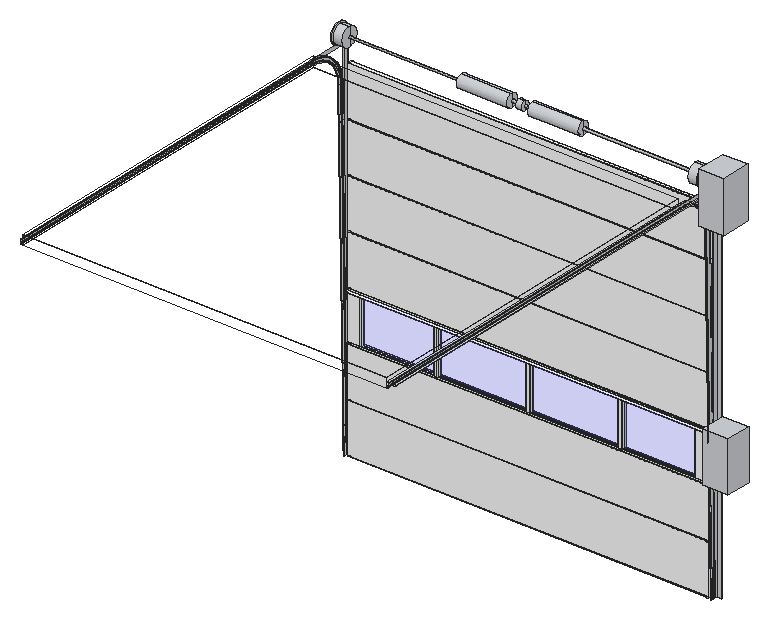
Revit family "EX3150 Complete Door - DraftA", category Doors, host Wall, Revit 2022 (continued)
Definition of nested family "Full Vision Section"
  Definition of nested family "902 Int Stile Array"
    Forms (in)
      Extrusion 2, solid, material <- "Frame Material"
        sketch origin (-44, 0, 0) x (1, 0, 0) y (0, 1, 0)
          loop
            line (-0.65625, 0) -> (-0.65625, -0.125) -> (-0.78125, -0.125) -> (-1.15625, -0.5) -> (-1.15625, -0.63751) -> (-0.65625, -0.63751) -> (-0.65625, -0.88751) -> (-1.15625, -0.88751) -> (-1.15625, -1.88751) -> (-0.65625, -1.88751) -> (-0.65625, -2.125) -> (0.65625, -2.125) -> (0.65625, -1.88751) -> (1.15625, -1.88751) -> (1.15625, -0.88751) -> (0.65625, -0.88751) -> (0.65625, -0.63751) -> (1.15625, -0.63751) -> (1.15625, -0.5) -> (0.78125, -0.125) -> (0.65625, -0.125) -> (0.65625, 0) -> (-0.65625, 0)
        from 0 to 22.3125 <- "Stile Height"
      Extrusion 3, solid, material <- "Frame Material"
        sketch origin (-88, 0, 0) x (1, 0, 0) y (0, 1, 0)
          loop
            line (-0.65625, 0) -> (-0.65625, -0.125) -> (-0.78125, -0.125) -> (-1.15625, -0.5) -> (-1.15625, -0.63751) -> (-0.65625, -0.63751) -> (-0.65625, -0.88751) -> (-1.15625, -0.88751) -> (-1.15625, -1.88751) -> (-0.65625, -1.88751) -> (-0.65625, -2.125) -> (0.65625, -2.125) -> (0.65625, -1.88751) -> (1.15625, -1.88751) -> (1.15625, -0.88751) -> (0.65625, -0.88751) -> (0.65625, -0.63751) -> (1.15625, -0.63751) -> (1.15625, -0.5) -> (0.78125, -0.125) -> (0.65625, -0.125) -> (0.65625, 0) -> (-0.65625, 0)
        from 0 to 22.3125 <- "Stile Height"
      Extrusion 4, solid, material <- "Frame Material"
        sketch origin (-132, 0, 0) x (1, 0, 0) y (0, 1, 0)
          loop
            line (-0.65625, 0) -> (-0.65625, -0.125) -> (-0.78125, -0.125) -> (-1.15625, -0.5) -> (-1.15625, -0.63751) -> (-0.65625, -0.63751) -> (-0.65625, -0.88751) -> (-1.15625, -0.88751) -> (-1.15625, -1.88751) -> (-0.65625, -1.88751) -> (-0.65625, -2.125) -> (0.65625, -2.125) -> (0.65625, -1.88751) -> (1.15625, -1.88751) -> (1.15625, -0.88751) -> (0.65625, -0.88751) -> (0.65625, -0.63751) -> (1.15625, -0.63751) -> (1.15625, -0.5) -> (0.78125, -0.125) -> (0.65625, -0.125) -> (0.65625, 0) -> (-0.65625, 0)
        from 0 to 22.3125 <- "Stile Height"
    Dimensions and locks (in)
      "Stile Height": level to plane 4
      locked: Extrusion 1 sketch curve to Extrusion 1 sketch curve at 1.3125
      locked: Extrusion 1 sketch curve to Extrusion 1 sketch curve at 0.5  (x2)
      locked: Extrusion 1 sketch curve to Extrusion 1 sketch curve at 2.125
      locked: Extrusion 1 sketch curve to Extrusion 1 sketch curve at 0.25
      locked: Extrusion 1 sketch curve to Extrusion 1 sketch curve at 1
      locked: Extrusion 1 sketch curve to Extrusion 1 sketch curve at 0.375  (x4)
      locked: Extrusion 1 sketch curve to Extrusion 1 sketch curve at 0.125  (x3)
      locked: Extrusion 2 sketch curve to Extrusion 2 sketch curve at 1.3125
      locked: Extrusion 2 sketch curve to Extrusion 2 sketch curve at 0.5  (x2)
      locked: Extrusion 2 sketch curve to Extrusion 2 sketch curve at 2.125
      locked: Extrusion 2 sketch curve to Extrusion 2 sketch curve at 0.25
      locked: Extrusion 2 sketch curve to Extrusion 2 sketch curve at 1
      locked: Extrusion 2 sketch curve to Extrusion 2 sketch curve at 0.375  (x4)
      locked: Extrusion 2 sketch curve to Extrusion 2 sketch curve at 0.125  (x3)
      equal spacing: group 4, group 3, group 2, group 1
      equal spacing: group 1, group 2, group 3, group 4  (x2)
      "IntStileCtrCtr": plane 5 to plane 6
      locked: Extrusion 3 sketch curve to Extrusion 3 sketch curve at 1.3125
      locked: Extrusion 3 sketch curve to Extrusion 3 sketch curve at 0.5  (x2)
      locked: Extrusion 3 sketch curve to Extrusion 3 sketch curve at 2.125
      locked: Extrusion 3 sketch curve to Extrusion 3 sketch curve at 0.25
      locked: Extrusion 3 sketch curve to Extrusion 3 sketch curve at 1
      locked: Extrusion 3 sketch curve to Extrusion 3 sketch curve at 0.375  (x4)
      locked: Extrusion 3 sketch curve to Extrusion 3 sketch curve at 0.125  (x3)
      locked: Extrusion 4 sketch curve to Extrusion 4 sketch curve at 1.3125
      locked: Extrusion 4 sketch curve to Extrusion 4 sketch curve at 0.5  (x2)
      locked: Extrusion 4 sketch curve to Extrusion 4 sketch curve at 2.125
      locked: Extrusion 4 sketch curve to Extrusion 4 sketch curve at 0.25
      locked: Extrusion 4 sketch curve to Extrusion 4 sketch curve at 1
      locked: Extrusion 4 sketch curve to Extrusion 4 sketch curve at 0.375  (x4)
      locked: Extrusion 4 sketch curve to Extrusion 4 sketch curve at 0.125  (x3)
      aligned and locked: plane 2 to level
      aligned and locked: Extrusion 1 sketch curve to Extrusion 1 sketch curve  (x8)
      aligned and locked: Extrusion 2 sketch curve to Extrusion 2 sketch curve  (x8)
      aligned and locked: plane 5 to Extrusion 1
      aligned and locked: plane 6 to Extrusion 2
      aligned and locked: Extrusion 3 sketch curve to Extrusion 3 sketch curve  (x8)
      aligned and locked: Extrusion 4 sketch curve to Extrusion 4 sketch curve  (x8)
    Automatic sketch dimensions
      Extrusion 1 sketch curve to Extrusion 1 sketch curve = 0' - 0.23749"
      Extrusion 2 sketch curve to Extrusion 2 sketch curve = 0' - 0.23749"
      Extrusion 3 sketch curve to Extrusion 3 sketch curve = 0' - 0.23749"
      Extrusion 4 sketch curve to Extrusion 4 sketch curve = 0' - 0.23749"
Definition of nested family "Track - Standard Lift"
  Parameters (values of type "15" Radius")
    WallToRadiusCenter = Door Thickness + 0' 1" + Vertical Track Length * 0' 0 1/4" / 1' 0" + Track Radius  # 1' - 9.33333"
    VerticalAngleLength = Door Height + 0' 10"  # 14' - 10"
    Vertical Track Length = Door Height - 0' 8"  # 13' - 4"
    TrackToTrack = CenterToLHTrack * 2  # 14' - 0"
    Roof Pitch = 0
    Operator - Trolley = no
    Operator - Jack Shaft Right = yes
    Operator - Jack Shaft Left = no
    HorizontalAngleLength = -(Horizontal Track Length + Track Radius + Vertical Track Length * 0.25 / 12 + 0' 2" - 0' 1" * Roof Pitch)  # -16' - 2.33333"
    Horizontal Track Length = Door Height + 1' 9" - Track Radius  # 14' - 6"
    FloorToTrolleyRail = FloorToShaftCL + 0' 6" - 0' 0 77/256" * Roof Pitch  # 15' - 8"
    FloorToShaftCL = Door Height + Track Radius - 0' 1"  # 15' - 2"
    FloorToJackShaft = Door Height + 1' 10"  # 15' - 10"
    Double Torsion Shaft = no
    Door Width = 13' - 10"
    Door Thickness = 0' - 2"
    Door Height = 14' - 0"
    Default Elevation = 0' - 0"
    Control Box Right = yes
    Control Box Left = no
    CenterToLHTrack = Door Width / 2 + 0' 1" + Roof Pitch * 0' 0"  # 7' - 0"
    Track Radius = if([12" Radius Track], 1' 0", 1' 3")  # 1' - 3"
    HorizontalTrackAngle = 90.00°
    CenterToRHTrack = -CenterToLHTrack  # -7' - 0"
    CenterToJackShaft = Door Width / 2 + 0' 5"  # 7' - 4"
    15" Radius Track = yes
    12" Radius Track = not([15" Radius Track])  # no
  Types (2): name | WallToRadiusCenter | TrackToTrack | Horizontal Track Length | FloorToTrolleyRail | FloorToShaftCL | Door Width | Control Box Left | CenterToLHTrack | Track Radius | CenterToRHTrack | CenterToJackShaft | 15" Radius Track | 12" Radius Track
    15" Radius | 1' - 9.33333" | 14' - 0" | 14' - 6" | 15' - 8" | 15' - 2" | 13' - 10" | no | 7' - 0" | 1' - 3" | -7' - 0" | 7' - 4" | yes | no
    12" Radius | 1' - 6.33333" | 14' - 4" | 14' - 9" | 15' - 5" | 14' - 11" | 14' - 2" | yes | 7' - 2" | 1' - 0" | -7' - 2" | 7' - 6" | no | yes
  Reference planes (in)
    plane 1: y = 0
    plane 2 "Center (Left/Right)": x = 0
    plane 3 "Wall Edge": y = 3
    plane 4: y = 24.33333
    plane 5: z = 160
    plane 6: x = 84
    plane 7: x = -84
  Forms (in)
    Sweep 1, solid
      path in 3D
        loop
          line (0, 198.33333, 175) -> (0, 24.33333, 175)
          arc (0, 24.33333, 175) -> (0, 13.83778, 170.71649) -> (0, 9.33659, 160.31243) r 15
          line (0, 9.33659, 160.31243) -> (0, 5.99672, 0)
      profile "Track Profile : Track Profile" origin (0, 7.66665, 80.15622) x (0, 0.999783, -0.020829) y (1, 0, 0)
        loop
          line (-2.03223, 84) -> (-1.97364, 84) -> (-1.97364, 84.826)
          arc (-1.97364, 84.826) -> (-1.9457, 84.89346) -> (-1.87823, 84.92141) r 0.09541
          line (-1.87823, 84.92141) -> (-0.65812, 84.92141)
          arc (-0.65812, 84.92141) -> (-0.63212, 84.9187) -> (-0.60723, 84.91071) r 0.12641
          line (-0.60723, 84.91071) -> (-0.20802, 84.73513)
          arc (-0.20802, 84.73513) -> (-0.05845, 84.52266) -> (-0.17676, 84.29133) r 0.25141
          line (-0.17676, 84.29133) -> (-0.46311, 84.1138) -> (-0.43223, 84.064) -> (-0.14589, 84.24153)
          arc (-0.14589, 84.24153) -> (0, 84.52678) -> (-0.18443, 84.78877) r 0.31
          line (-0.18443, 84.78877) -> (-0.58364, 84.96434)
          arc (-0.58364, 84.96434) -> (-0.62007, 84.97604) -> (-0.65812, 84.98) r 0.185
          line (-0.65812, 84.98) -> (-1.87823, 84.98)
          arc (-1.87823, 84.98) -> (-1.98713, 84.93489) -> (-2.03223, 84.826) r 0.154
          line (-2.03223, 84.826) -> (-2.03223, 84)
    Sweep 2, solid
      path in 3D
        loop
          line (0, 198.33333, 175) -> (0, 24.33333, 175)
          arc (0, 24.33333, 175) -> (0, 13.83778, 170.71649) -> (0, 9.33659, 160.31243) r 15
          line (0, 9.33659, 160.31243) -> (0, 5.99672, 0)
      profile "Track Profile : Track Profile" origin (0, 7.66665, 80.15622) x (0, 0.999783, -0.020829) y (1, 0, 0)
        loop
          line (-2.03223, -84) -> (-2.03223, -84.826)
          arc (-2.03223, -84.826) -> (-1.98713, -84.93489) -> (-1.87823, -84.98) r 0.154
          line (-1.87823, -84.98) -> (-0.65812, -84.98)
          arc (-0.65812, -84.98) -> (-0.62007, -84.97604) -> (-0.58364, -84.96434) r 0.185
          line (-0.58364, -84.96434) -> (-0.18443, -84.78877)
          arc (-0.18443, -84.78877) -> (0, -84.52678) -> (-0.14589, -84.24153) r 0.31
          line (-0.14589, -84.24153) -> (-0.43223, -84.064) -> (-0.46311, -84.1138) -> (-0.17676, -84.29133)
          arc (-0.17676, -84.29133) -> (-0.05845, -84.52266) -> (-0.20802, -84.73513) r 0.25141
          line (-0.20802, -84.73513) -> (-0.60723, -84.91071)
          arc (-0.60723, -84.91071) -> (-0.63212, -84.9187) -> (-0.65812, -84.92141) r 0.12641
          line (-0.65812, -84.92141) -> (-1.87823, -84.92141)
          arc (-1.87823, -84.92141) -> (-1.9457, -84.89346) -> (-1.97364, -84.826) r 0.09541
          line (-1.97364, -84.826) -> (-1.97364, -84) -> (-2.03223, -84)
    Extrusion 3, solid
      sketch origin (84, 9, 148.94743) x (0, 0, 1) y (0, 1, 0)
        loop
          line (25.05257, 189.33333) -> (25.05257, 15.33333) -> (30.05257, 15.33333) -> (30.05257, 189.33333) -> (25.05257, 189.33333)
      from 0 to 168 <- "TrackToTrack"
    Extrusion 4, solid
      sketch origin (0, 198.33333, 175) x (0, 0, 1) y (1, 0, 0)
        loop
          line (1.87823, 84.98) -> (1.87823, 85.06107) -> (0.47823, 85.06107) -> (0.47823, 86.48) -> (0.37823, 86.48) -> (0.37823, 84.98) -> (1.87823, 84.98)
      from -2 to -194.33333 <- "HorizontalAngleLength"
    Extrusion 5, solid
      sketch origin (0, 198.33333, 175) x (0, 0, 1) y (1, 0, 0)
        loop
          line (1.87823, -84.98) -> (0.37823, -84.98) -> (0.37823, -86.48) -> (0.47823, -86.48) -> (0.47823, -85.08) -> (1.87823, -85.08) -> (1.87823, -84.98)
      from -2 to -194.33333 <- "HorizontalAngleLength"
    Extrusion 6, solid
      sketch origin (0, 0, 0) x (1, 0, 0) y (0, 1, 0)
        loop
          line (-84.98, 4.63) -> (-85.08, 4.63) -> (-85.08, 3.30484)
          arc (-85.08, 3.30484) -> (-85.14, 3.16) -> (-85.28484, 3.1) r 0.20484
          line (-85.28484, 3.1) -> (-87.26, 3.1) -> (-87.26, 3) -> (-85.28584, 3)
          arc (-85.28584, 3) -> (-85.06958, 3.08958) -> (-84.98, 3.30584) r 0.30584
          line (-84.98, 3.30584) -> (-84.98, 4.63)
        loop
          line (84.98, 4.63) -> (84.98, 3.30584)
          arc (84.98, 3.30584) -> (85.06958, 3.08958) -> (85.28584, 3) r 0.30584
          line (85.28584, 3) -> (87.26, 3) -> (87.26, 3.1) -> (85.28484, 3.1)
          arc (85.28484, 3.1) -> (85.14, 3.16) -> (85.08, 3.30484) r 0.20484
          line (85.08, 3.30484) -> (85.08, 4.63) -> (84.98, 4.63)
      from 0 to 178 <- "VerticalAngleLength"
    Extrusion 7, solid, visible <- "Operator - Jack Shaft Left"
      sketch origin (-60, 3, 0) x (-1, 0, 0) y (0, 0, 1)
        loop
          line (-160, 190) -> (-160, 166) -> (-148, 166) -> (-148, 190) -> (-160, 190)
      from 0 to 14.50457
    Extrusion 8, solid, visible <- "Operator - Jack Shaft Right"
      sketch origin (-60, 3, 0) x (-1, 0, 0) y (0, 0, 1)
        loop
          line (28, 190) -> (28, 166) -> (40, 166) -> (40, 190) -> (28, 190)
      from 0 to 14.50457
    Extrusion 9, solid, visible <- "Operator - Jack Shaft Left"
      sketch origin (-59.08, 3, -112) x (-1, 0, 0) y (0, 0, 1)
        loop
          line (-159.08, 190) -> (-159.08, 166) -> (-147.08, 166) -> (-147.08, 190) -> (-159.08, 190)
      from 0 to 12
    Extrusion 10, solid, visible <- "Operator - Jack Shaft Right"
      sketch origin (-60, 3, -120) x (-1, 0, 0) y (0, 0, 1)
        loop
          line (28, 198) -> (28, 174) -> (40, 174) -> (40, 198) -> (28, 198)
      from 0 to 12
  Lines and regions (in)
    reference lines, not visible
      curve 1: line (0, 24.33333, 160) -> (0, 24.33333, 175)
      curve 2: line (0, 24.33333, 160) -> (0, 9.33659, 160.31243)
      curve 3: line (0, 24.33333, 175) -> (0, 198.33333, 175)
      curve 4: line (0, 9.33659, 160.31243) -> (0, 5.99672, 0)
      curve 5: arc (0, 24.33333, 175) -> (0, 13.83778, 170.71649) -> (0, 9.33659, 160.31243) r 15
    sketch lines
      curve 6: line (0, 9.33659, 160.31243) -> (0, 5.99672, 0)
      curve 7: arc (0, 24.33333, 175) -> (0, 13.83778, 170.71649) -> (0, 9.33659, 160.31243) r 15
      curve 8: line (0, 24.33333, 175) -> (0, 198.33333, 175)
      curve 9: line (0, 9.33659, 160.31243) -> (0, 5.99672, 0)
      curve 10: arc (0, 24.33333, 175) -> (0, 13.83778, 170.71649) -> (0, 9.33659, 160.31243) r 15
      curve 11: line (0, 24.33333, 175) -> (0, 198.33333, 175)
  Text (in)
    text "Placement Side" at (0, 40.15149, 123.01588), in view "Right"
    text "Placement Side" at (-70.3804, 28.46503, 0), in view "Ref. Level"
    text "Placement Side" at (0, 81.62555, 140.59947), in view "Left"
  Dimensions and locks (in)
    locked: plane 3 "Wall Edge" to host wall
    "WallToRadiusCenter": plane 3 "Wall Edge" to plane 4
    "Vertical Track Length": plane 5 to level
    "Track Radius": curve 1 to curve 1
    "Track Radius": curve 2 to curve 2
    "CenterToLHTrack": plane 6 to plane 2 "Center (Left/Right)"
    "CenterToLHTrack": plane 2 "Center (Left/Right)" to plane 7
    "Horizontal Track Length": curve 5 to curve 3
    locked: curve 3 to Extrusion 3 sketch curve at 4
    locked: Extrusion 3 sketch curve to curve 3 at 1
    locked: Extrusion 4 sketch curve to Extrusion 4 sketch curve at 1.5  (x2)
    locked: Extrusion 4 sketch curve to Extrusion 4 sketch curve at 0.1
    locked: Sweep 1 to Extrusion 4 sketch curve at 0.08107
    locked: Extrusion 5 sketch curve to Extrusion 5 sketch curve at 0.1
    locked: Extrusion 5 sketch curve to Sweep 2 at 0.1
    locked: Extrusion 5 sketch curve to Extrusion 5 sketch curve at 1.5
    locked: Extrusion 5 sketch curve to Sweep 2 at 1.5
    locked: Extrusion 6 sketch curve to Extrusion 6 sketch curve at 0.1  (x4)
    locked: Extrusion 6 sketch curve to Extrusion 6 sketch curve at 2.28  (x2)
    Extrusion 6 sketch curve to Extrusion 6 sketch curve = 0' - 1.63"
    locked: Extrusion 6 sketch curve to Extrusion 6 sketch curve at 1.63  (x2)
    locked: host wall to nested 1 at 6
    locked: Extrusion 7 sketch curve to Extrusion 7 sketch curve at 12
    locked: Extrusion 7 sketch curve to Extrusion 7 sketch curve at 24
    "FloorToJackShaft": level to Extrusion 7 sketch curve
    "CenterToJackShaft": Extrusion 7 sketch curve to curve 4
    locked: Extrusion 8 sketch curve to Extrusion 8 sketch curve at 24
    locked: Extrusion 8 sketch curve to Extrusion 8 sketch curve at 12
    "CenterToJackShaft": curve 4 to Extrusion 8 sketch curve
    "FloorToShaftCL": nested 1 to level
    locked: Extrusion 9 sketch curve to Extrusion 9 sketch curve at 12
    locked: Extrusion 9 sketch curve to Extrusion 9 sketch curve at 24
    locked: Extrusion 6 to Extrusion 9 at 54
    level to Extrusion 9 = 6' - 6"
    locked: Extrusion 10 sketch curve to Extrusion 10 sketch curve at 24
    locked: Extrusion 10 sketch curve to Extrusion 10 sketch curve at 12
    Extrusion 4 to Extrusion 7 = 1' - 2.62177"
    curve 3 to Extrusion 8 = 1' - 3"
    locked: Extrusion 8 to Extrusion 8 at 14.50457
    Extrusion 9 to Extrusion 9 = 1' - 0"
    plane 2 "Center (Left/Right)" to Extrusion 9 = 8' - 4"
    "Track Radius": radius of curve 5
    radius of Extrusion 6 sketch curve = 0' - 0.30584"
    radius of Extrusion 6 sketch curve = 0' - 0.20484"
    "HorizontalTrackAngle": angle curve 1 to plane 5
    locked: curve 2 to plane 5 (angle 1.1935°)
    locked: curve 1 to curve 3 (angle 90.00°)
    locked: curve 4 to curve 2 (angle 90.00°)
    aligned and locked: plane 5 to curve 2
    aligned and locked: curve 2 to plane 4
    aligned and locked: level to curve 4
    aligned and locked: Extrusion 3 sketch curve to curve 3
    aligned and locked: Extrusion 3 sketch curve to curve 1
    aligned and locked: Extrusion 4 sketch curve to Sweep 1
    aligned and locked: Extrusion 5 sketch curve to Sweep 2
    aligned and locked: Extrusion 4 to Extrusion 5 sketch curve
    aligned and locked: Sweep 2 to Extrusion 6 sketch curve
    aligned and locked: Extrusion 6 sketch curve to Sweep 1
    aligned and locked: Extrusion 6 sketch curve to host wall
    aligned and locked: nested 1 to curve 4
    aligned and locked: Extrusion 7 to Extrusion 8 sketch curve
    aligned and locked: Extrusion 9 to Extrusion 7
    aligned and locked: Extrusion 10 to Extrusion 8
    aligned and locked: Extrusion 9 to Extrusion 10
    aligned and locked: Extrusion 7 to Extrusion 8
  Automatic sketch dimensions
    Sweep 1 to Extrusion 4 sketch curve = 0' - 1.59541"
    Extrusion 6 sketch curve to host wall = 0' - 0"
    Extrusion 6 sketch curve to Extrusion 6 sketch curve = 0' - 0.20484"
    Extrusion 6 sketch curve to Extrusion 6 sketch curve = 0' - 0.00101"
    Extrusion 9 sketch curve to plane 6 = 1' - 4"
    level to Extrusion 9 sketch curve = 4' - 6"
    plane 7 to Extrusion 10 sketch curve = 0' - 4"
    level to Extrusion 10 sketch curve = 4' - 6"
  Nested families (in)
    nested 1: "Torsion Assembly - Standard Lift" at (0, 9, 118.84779), type "Torsion Assembly - High Lift"
      with HalfShaft2Length 8' - 2 1/2", Door Width 13' - 10", HalfShaftLength 7' - 2 1/2"
  Definition of nested family "Torsion Assembly - Standard Lift"
    Parameters
      Spring Length = if(Door Width < 6' 0", 1' 0", 2' 0")  # 2' - 0"
      HalfShaft2Length = HalfShaftLength + 1' 0"  # 7' - 3 1/2"
      Double Torsion Shaft = no
      Door Width = 12' - 0"
      HalfShaftLength = (Door Width + 0' 7") / 2  # 6' - 3 1/2"
      Default Elevation = 0' - 0"
      Assembly Code = ""
    Reference planes (in)
      plane 1 "Center (Front/Back)": y = 0
      plane 2: z = 63.15221
      plane 3 "Center (Left/Right)": x = 0
      plane 4: z = 75.15221
      plane 5: z = 63.15221
    Forms (in)
      Revolve 1, solid
        sketch origin (0, 0, 0) x (1, 0, 0) y (0, 0, 1)
          loop
            line (5, 63.65221) -> (1.38578, 63.65221) -> (1.38578, 65.15221) -> (-1.36422, 65.15221) -> (-1.36422, 63.65221) -> (-5, 63.65221) -> (-5, 66.15221) -> (-29, 66.15221) -> (-29, 63.65221) -> (-68.5, 63.65221) -> (-68.5, 67.45823) -> (-73, 67.45823) -> (-73, 67.95823) -> (-73.5, 67.95823) -> (-73.5, 63.65221) -> (-75.5, 63.65221) -> (-75.5, 63.15221) -> (-73.5, 63.15221) -> (73.5, 63.15221) -> (75.5, 63.15221) -> (75.5, 63.65221) -> (73.5, 63.65221) -> (73.5, 67.95823) -> (73, 67.95823) -> (73, 67.45823) -> (68.5, 67.45823) -> (68.5, 63.65221) -> (29, 63.65221) -> (29, 66.15221) -> (5, 66.15221) -> (5, 63.65221)
          axis (-75.5, 63.15221) -> (75.5, 63.15221)
        angle from 0 to 360
      Revolve 2, solid, visible <- "Double Torsion Shaft"
        sketch origin (0, 0, 12) x (1, 0, 0) y (0, 0, 1)
          loop
            line (5, 63.65221) -> (1.38578, 63.65221) -> (1.38578, 65.15221) -> (-1.36422, 65.15221) -> (-1.36422, 63.65221) -> (-5, 63.65221) -> (-5, 66.15221) -> (-29, 66.15221) -> (-29, 63.65221) -> (-74.5, 63.65221) -> (-74.5, 67.45823) -> (-79, 67.45823) -> (-79, 67.95823) -> (-79.5, 67.95823) -> (-79.5, 63.65221) -> (-87.5, 63.65221) -> (-87.5, 63.15221) -> (-79.5, 63.15221) -> (79.5, 63.15221) -> (87.5, 63.15221) -> (87.5, 63.65221) -> (79.5, 63.65221) -> (79.5, 67.95823) -> (79, 67.95823) -> (79, 67.45823) -> (74.5, 67.45823) -> (74.5, 63.65221) -> (29, 63.65221) -> (29, 66.15221) -> (5, 66.15221) -> (5, 63.65221)
          axis (-87.5, 63.15221) -> (87.5, 63.15221)
        angle from 0 to 360
    Dimensions and locks (in)
      locked: Revolve 1 sketch curve to Revolve 1 sketch curve at 0.5  (x4)
      locked: Revolve 1 sketch curve to Revolve 1 sketch curve at 4.80602
      locked: Revolve 1 sketch curve to Revolve 1 sketch curve at 2.75
      locked: Revolve 1 sketch curve to plane 3 "Center (Left/Right)" at 1.38578
      locked: Revolve 1 sketch curve to Revolve 1 sketch curve at 3
      locked: Revolve 1 sketch curve to Revolve 1 sketch curve at 2  (x3)
      locked: Revolve 1 sketch curve to plane 3 "Center (Left/Right)" at 5
      "Spring Length": Revolve 1 sketch curve to Revolve 1 sketch curve  (x2)
      locked: plane 3 "Center (Left/Right)" to Revolve 1 sketch curve at 5
      locked: Revolve 1 sketch curve to Revolve 1 sketch curve at 5  (x2)
      "HalfShaftLength": Revolve 1 sketch curve to plane 3 "Center (Left/Right)"
      "HalfShaftLength": plane 3 "Center (Left/Right)" to Revolve 1 sketch curve
      locked: Revolve 2 sketch curve to Revolve 2 sketch curve at 0.5  (x4)
      locked: Revolve 2 sketch curve to Revolve 2 sketch curve at 4.80602
      locked: Revolve 2 sketch curve to Revolve 2 sketch curve at 2.75
      locked: Revolve 2 sketch curve to Revolve 2 sketch curve at 3
      locked: Revolve 2 sketch curve to Revolve 2 sketch curve at 2
      "Spring Length": Revolve 2 sketch curve to Revolve 2 sketch curve  (x2)
      locked: Revolve 2 sketch curve to Revolve 2 sketch curve at 5  (x2)
      locked: Revolve 2 sketch curve to Revolve 2 sketch curve at 8  (x2)
      locked: Revolve 2 to plane 4 at 0.5
      locked: plane 4 to level at 12
      "HalfShaft2Length": plane 3 "Center (Left/Right)" to Revolve 2 sketch curve
      "HalfShaft2Length": Revolve 2 sketch curve to plane 3 "Center (Left/Right)"
      locked: plane 3 "Center (Left/Right)" to Revolve 2 sketch curve at 5
      locked: Revolve 2 sketch curve to plane 3 "Center (Left/Right)" at 5
      aligned and locked: plane 2 to level
      aligned and locked: plane 5 to level
    Automatic sketch dimensions
      Revolve 1 sketch curve to level = 0' - 0"  (x2)
      Revolve 1 sketch curve to Revolve 1 sketch curve = 0' - 0"  (x2)
      Revolve 1 sketch curve to Revolve 1 sketch curve = 0' - 11.98222"
      Revolve 1 sketch curve to Revolve 1 sketch curve = 0' - 11.01778"
      level to Revolve 1 sketch curve = 0' - 0 1/2"  (x4)
      Revolve 1 sketch curve to Revolve 1 sketch curve = 0' - 0 1/2"  (x2)
      Revolve 1 sketch curve to Revolve 1 sketch curve = 0' - 2 1/2"
      Revolve 1 sketch curve to Revolve 1 sketch curve = 0' - 3.80602"
      level to Revolve 2 sketch curve = 1' - 0 1/2"  (x2)
      Revolve 2 sketch curve to Revolve 2 sketch curve = 0' - 0"  (x2)
      Revolve 2 sketch curve to Revolve 2 sketch curve = 0' - 11.98222"
      Revolve 2 sketch curve to plane 3 "Center (Left/Right)" = 0' - 1.36422"
      Revolve 2 sketch curve to Revolve 2 sketch curve = 0' - 11.01778"
      level to Revolve 2 sketch curve = 1' - 0"
      Revolve 2 sketch curve to Revolve 2 sketch curve = 0' - 1 1/2"
      Revolve 2 sketch curve to Revolve 2 sketch curve = 0' - 0 1/2"  (x3)
      Revolve 2 sketch curve to Revolve 2 sketch curve = 0' - 2 1/2"  (x2)
      Revolve 2 sketch curve to Revolve 2 sketch curve = 0' - 3.80602"
